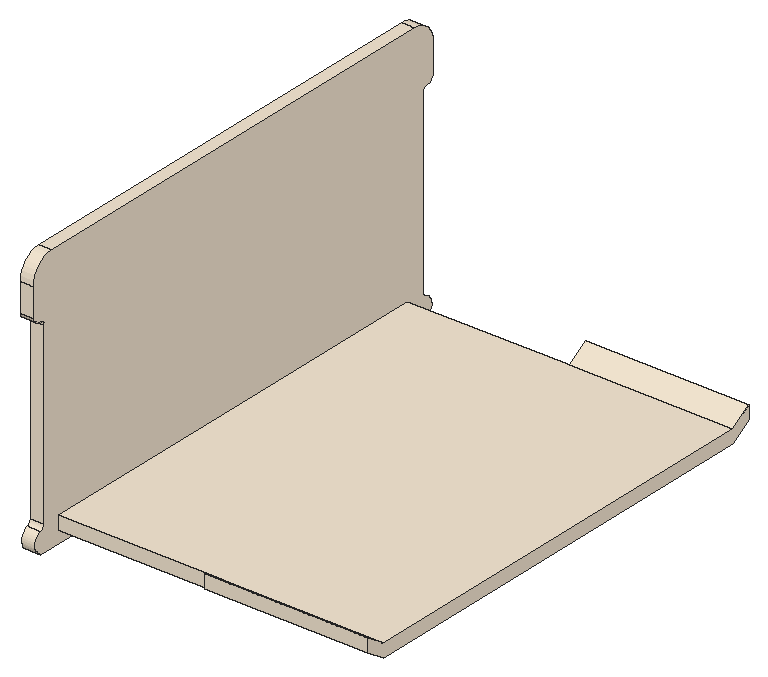
Revit family "Specialty_Equipment-Metal_Raceway-Hubbell_Wiring-Blank_End_Fitting-HBL3010B", category Specialty Equipment, host Face, Revit 2015
Parameters (values of type "HBL3010BIV")
  URL = "http://www.hubbell-wiring.com/"
  Product data url = "https://bimobject.com/hubbellwiring/product/hubbell-metal-raceway-hbl3000"
  Product Page URL = "http://ecatalog.hubbell-wiring.com/ProductInformation/ViewCatalog.aspx?Dest=hubbell-wiring.com/press/catalog/r.pdf"
  Product Documentation Link = "http://www.hubbell-wiring.com/press/pdfs/h5233r08.pdf"
  Model = "HBL3010BIV"
  Manufacturer = "Hubbell Wiring Device Kellems"  # constant formula
  Description = "Blank End Fitting"  # constant formula
  Default Elevation = 48.00"
  Cable Tray Material = Metal-Hubbell-Ivory
  C = 1.41"
  B = 1.79"
  Assembly Code = "D5090900"
  A = 2.71"
Types (3): name | Model | Cable Tray Material
  (no name) | "HBL3010BIV" | Metal-Hubbell-Ivory
  HBL3010BIV | "HBL3010BIV" | Metal-Hubbell-Ivory
  HBL3010BGY | "HBL3010BGY" | Metal-Hubbell-Gray
Reference planes (in)
  plane 1 "Center (Front/Back)": y = 0
  plane 2: z = 0
  plane 3 "Center (Left/Right)": x = 0
  plane 4: y = 1.355
  plane 5: y = -1.355
  plane 6: y = 1.255
  plane 7: y = -1.255
  plane 8: x = -1.79
  plane 9: x = -1.72
  plane 10: z = 0.07
  plane 11: z = 1.41
  plane 12: y = -1.15
  plane 13: y = 1.15
  plane 14: z = 0.14
  plane 15: z = 0.21
  plane 16: x = -0.86
  plane 17: z = 0.81
  plane 18: x = -1.29
  plane 19: y = 1.32447
  plane 20: y = -1.31075
Forms (in)
  Extrusion 1, solid, material "Metal-Hubbell-Ivory" <- "Cable Tray Material"
    sketch origin (-0.5369, 2.35761, 0) x (1, 0, 0) y (0, 1, 0)
      loop
        line (-1.1831, -1.20761) -> (-1.1831, -3.50761) -> (0.5369, -3.50761) -> (0.5369, -1.20761) -> (-1.1831, -1.20761)
    from 0.07 to 0.14
  Extrusion 2, solid, material "Metal-Hubbell-Ivory" <- "Cable Tray Material"
    sketch origin (0, 0, 0) x (0, 1, 0) y (0, 0, 1)
      loop
        arc (-1.31075, 1.13554) -> (-1.29637, 1.11478) -> (-1.27242, 1.10679) r 0.03993
        arc (-1.27242, 1.10679) -> (-1.25209, 1.09837) -> (-1.24367, 1.07804) r 0.02875
        line (-1.24367, 1.07804) -> (-1.24367, 0.13881)
        arc (-1.24367, 0.13881) -> (-1.24895, 0.12221) -> (-1.26284, 0.1117) r 0.02875
        arc (-1.26284, 0.1117) -> (-1.30034, 0.04777) -> (-1.24367, 0) r 0.0575
        line (-1.24367, 0) -> (0, 0) -> (1.25739, 0)
        arc (1.25739, 0) -> (1.31406, 0.04777) -> (1.27656, 0.1117) r 0.0575
        arc (1.27656, 0.1117) -> (1.26267, 0.12221) -> (1.25739, 0.13881) r 0.02875
        line (1.25739, 0.13881) -> (1.25739, 1.07804)
        arc (1.25739, 1.07804) -> (1.26581, 1.09837) -> (1.28614, 1.10679) r 0.02875
        arc (1.28614, 1.10679) -> (1.31009, 1.11478) -> (1.32447, 1.13554) r 0.03993
        line (1.32447, 1.13554) -> (1.32447, 1.29022)
        arc (1.32447, 1.29022) -> (1.28939, 1.37492) -> (1.20469, 1.41) r 0.11978
        line (1.20469, 1.41) -> (-1.19097, 1.41)
        arc (-1.19097, 1.41) -> (-1.27566, 1.37492) -> (-1.31075, 1.29022) r 0.11978
        line (-1.31075, 1.29022) -> (-1.31075, 1.13554)
    from -1.79 to -1.72
  Extrusion 3, solid, material "Metal-Hubbell-Ivory" <- "Cable Tray Material"
    sketch origin (0, 0, 0) x (0, 1, 0) y (0, 0, 1)
      loop
        line (-1.15, 0.07) -> (-1.15, 0.14) -> (-1.255, 0.21) -> (-1.255, 0.14) -> (-1.15, 0.07)
      loop
        line (1.15, 0.14) -> (1.15, 0.07) -> (1.255, 0.14) -> (1.255, 0.21) -> (1.15, 0.14)
    from 0 to -0.86
Cuts and joins
  joined: Extrusion 1, Extrusion 2, Extrusion 3
Lines and regions (in)
  reference lines
    curve 1: arc (0, -1.27727, 1.10718) -> (0, -1.30058, 1.1136) -> (0, -1.31075, 1.13554) r 0.02875
    curve 2: line (0, -1.31075, 1.13554) -> (0, -1.31075, 1.29022)
    curve 3: arc (0, -1.31075, 1.29022) -> (0, -1.27566, 1.37492) -> (0, -1.19097, 1.41) r 0.11978
    curve 4: line (0, -1.19097, 1.41) -> (0, 1.20469, 1.41)
    curve 5: arc (0, 1.20469, 1.41) -> (0, 1.28939, 1.37492) -> (0, 1.32447, 1.29022) r 0.11978
    curve 6: line (0, 1.32447, 1.29022) -> (0, 1.32447, 1.13554)
    curve 7: arc (0, 1.32447, 1.13554) -> (0, 1.3143, 1.1136) -> (0, 1.29099, 1.10718) r 0.02875
    curve 8: arc (0, 1.29086, 1.1064) -> (0, 1.26756, 1.09998) -> (0, 1.25739, 1.07804) r 0.02875
    curve 9: line (0, 1.25739, 1.07804) -> (0, 1.25739, 0.13881)
    curve 10: arc (0, 1.25739, 0.13881) -> (0, 1.26267, 0.12221) -> (0, 1.27656, 0.1117) r 0.02875
    curve 11: arc (0, 1.27656, 0.1117) -> (0, 1.31406, 0.04777) -> (0, 1.25739, 0) r 0.0575
    curve 12: line (0, 1.25739, 0) -> (0, 0, 0)
    curve 13: line (0, 0, 0) -> (0, -1.24367, 0)
    curve 14: arc (0, -1.24367, 0) -> (0, -1.30034, 0.04777) -> (0, -1.26284, 0.1117) r 0.0575
    curve 15: arc (0, -1.26284, 0.1117) -> (0, -1.24895, 0.12221) -> (0, -1.24367, 0.13881) r 0.02875
    curve 16: line (0, -1.24367, 0.13881) -> (0, -1.24367, 1.07804)
    curve 17: arc (0, -1.24367, 1.07804) -> (0, -1.25384, 1.09998) -> (0, -1.27714, 1.1064) r 0.02875
    curve 18: line (0, 1.15, 0.07) -> (0, 1.255, 0.14)
    curve 19: line (0, 1.255, 0.14) -> (0, 1.255, 0.21)
    curve 20: line (0, 1.15, 0.14) -> (0, 1.255, 0.21)
    curve 21: arc (0, -1.25739, 0.13881) -> (0, -1.26267, 0.12221) -> (0, -1.27656, 0.1117) r 0.02875
    curve 22: line (0, -1.15, 0.07) -> (0, -1.255, 0.14)
    curve 23: line (0, -1.255, 0.14) -> (0, -1.255, 0.21)
    curve 24: line (0, -1.15, 0.14) -> (0, -1.255, 0.21)
  model lines, detail levels medium+fine
    curve 25: circle (-1.72, 0, 0.81) r 0.4 normal (1, 0, 0)
    curve 26: circle (-1.72, 0, 0.81) r 0.3 normal (1, 0, 0)
    curve 27: circle (-1.315, 0, 0.14) r 0.15 normal (0, 0, 1)
  symbolic lines, style "Symbolic Lines"
    curve 28: line (-1.79, 1.32447, 0) -> (-1.72, 1.32447, 0)
    curve 29: line (-1.72, 1.32447, 0) -> (-1.72, 1.15, 0)
    curve 30: line (-1.72, 1.15, 0) -> (-0.86, 1.15, 0)
    curve 31: line (-0.86, 1.15, 0) -> (-0.86, 1.255, 0)
    curve 32: line (-0.86, 1.255, 0) -> (0, 1.255, 0)
    curve 33: line (0, 1.255, 0) -> (0, -1.255, 0)
    curve 34: line (0, -1.255, 0) -> (-0.86, -1.255, 0)
    curve 35: line (-0.86, -1.255, 0) -> (-0.86, -1.15, 0)
    curve 36: line (-0.86, -1.15, 0) -> (-1.72, -1.15, 0)
    curve 37: line (-1.72, -1.15, 0) -> (-1.72, -1.31075, 0)
    curve 38: line (-1.72, -1.31075, 0) -> (-1.79, -1.31075, 0)
    curve 39: line (-1.79, -1.31075, 0) -> (-1.79, 1.32447, 0)
    curve 41: line (0, 0, 0.14) -> (-1.72, 0, 0.14)
    curve 42: line (0, 0, 0.07) -> (0, 0, 0.14)
    curve 43: line (-1.72, 0, 0.07) -> (0, 0, 0.07)
    curve 44: line (-1.72, 0, 0) -> (-1.72, 0, 1.41)
    curve 45: line (-1.72, 0, 1.41) -> (-1.72, 0, 0)
    curve 46: line (0, 1.20469, 1.41) -> (0, -1.19097, 1.41)
    curve 47: arc (0, -1.19097, 1.41) -> (0, -1.27566, 1.37492) -> (0, -1.31075, 1.29022) r 0.11978
    curve 48: line (0, -1.31075, 1.29022) -> (0, -1.31075, 1.13554)
    curve 49: arc (0, -1.31075, 1.13554) -> (0, -1.29637, 1.11478) -> (0, -1.27242, 1.10679) r 0.03993
    curve 50: arc (0, -1.27242, 1.10679) -> (0, -1.25209, 1.09837) -> (0, -1.24367, 1.07804) r 0.02875
    curve 51: line (0, -1.24367, 1.07804) -> (0, -1.24367, 0.13881)
    curve 52: arc (0, -1.24367, 0.13881) -> (0, -1.24895, 0.12221) -> (0, -1.26284, 0.1117) r 0.02875
    curve 53: arc (0, -1.26284, 0.1117) -> (0, -1.30034, 0.04777) -> (0, -1.24367, 0) r 0.0575
    curve 54: line (0, -1.24367, 0) -> (0, 0, 0)
    curve 55: line (0, 0, 0) -> (0, 1.25739, 0)
    curve 56: arc (0, 1.25739, 0) -> (0, 1.31406, 0.04777) -> (0, 1.27656, 0.1117) r 0.0575
    curve 57: arc (0, 1.27656, 0.1117) -> (0, 1.26267, 0.12221) -> (0, 1.25739, 0.13881) r 0.02875
    curve 58: line (0, 1.25739, 0.13881) -> (0, 1.25739, 1.07804)
    curve 59: arc (0, 1.25739, 1.07804) -> (0, 1.26581, 1.09837) -> (0, 1.28614, 1.10679) r 0.02875
    curve 60: arc (0, 1.28614, 1.10679) -> (0, 1.31009, 1.11478) -> (0, 1.32447, 1.13554) r 0.03993
    curve 61: line (0, 1.32447, 1.13554) -> (0, 1.32447, 1.29022)
    curve 62: arc (0, 1.32447, 1.29022) -> (0, 1.28939, 1.37492) -> (0, 1.20469, 1.41) r 0.11978
  symbolic lines, style "Symbolic Lines", detail levels medium+fine
    curve 40: circle (-1.315, 0, 0) r 0.15 normal (0, 0, 1)
  symbolic lines
    curve 63: line (-1.72, 0, 1.41) -> (-1.79, 0, 1.41)
    curve 64: line (-1.79, 0, 1.41) -> (-1.79, 0, 0)
    curve 65: line (-1.79, 0, 0) -> (-1.72, 0, 0)
Dimensions and locks (in)
  equal spacing: plane 4, plane 1 "Center (Front/Back)", plane 5
  "A": plane 4 to plane 5
  locked: plane 5 to plane 7 at 0.1
  locked: plane 4 to plane 6 at 0.1
  "B": plane 8 to plane 3 "Center (Left/Right)"
  locked: plane 8 to plane 9 at 0.07
  plane 11 to host face = 1.41"
  equal spacing: plane 13, plane 1 "Center (Front/Back)", plane 12
  "C": plane 11 to plane 2
  plane 15 to plane 14 = 0.07"
  equal spacing: plane 9, plane 16, plane 3 "Center (Left/Right)"
  equal spacing: plane 11, plane 17, plane 15, locked at 0.6 each
  equal spacing: plane 9, plane 18, plane 16
  aligned and locked: plane 2 to host face
  aligned and locked: level to host face
  aligned and locked: plane 13 to Extrusion 1 sketch curve
  aligned and locked: plane 12 to Extrusion 1 sketch curve
  aligned and locked: plane 14 to Extrusion 1
  aligned and locked: Extrusion 2 sketch curve to curve 3
  aligned and locked: Extrusion 2 sketch curve to curve 5
  aligned and locked: Extrusion 2 sketch curve to curve 11
  aligned and locked: Extrusion 2 sketch curve to curve 13
  aligned and locked: Extrusion 2 sketch curve to curve 14
  aligned and locked: Extrusion 2 sketch curve to curve 15
  aligned and locked: Extrusion 2 sketch curve to curve 17
  aligned and locked: Extrusion 2 to plane 8
  aligned and locked: plane 9 to Extrusion 2
  aligned and locked: plane 6 to curve 19
  aligned and locked: curve 20 to cut or joined group of Extrusion 1, Extrusion 2, Extrusion 3
  aligned and locked: Extrusion 3 sketch curve to curve 22
  aligned and locked: Extrusion 3 sketch curve to curve 23
  aligned and locked: Extrusion 3 sketch curve to curve 24
  aligned and locked: curve 20 to Extrusion 3 sketch curve
  aligned and locked: Extrusion 3 sketch curve to curve 19
  aligned and locked: Extrusion 3 sketch curve to curve 18
  aligned and locked: curve 2 to Extrusion 3
  aligned and locked: Extrusion 3 to plane 16
  aligned and locked: plane 3 "Center (Left/Right)" to Extrusion 3
  aligned and locked: plane 8 to curve 39
  aligned and locked: curve 38 to cut or joined group of Extrusion 1, Extrusion 2, Extrusion 3
  aligned and locked: curve 37 to plane 9
  aligned and locked: curve 36 to plane 12
  aligned and locked: plane 16 to curve 35
  aligned and locked: curve 34 to plane 7
  aligned and locked: curve 33 to plane 3 "Center (Left/Right)"
  aligned and locked: curve 32 to plane 6
  aligned and locked: plane 16 to curve 31
  aligned and locked: curve 30 to plane 13
  aligned and locked: curve 29 to plane 9
  aligned and locked: curve 28 to cut or joined group of Extrusion 1, Extrusion 2, Extrusion 3
  aligned and locked: curve 40 to curve 27
  aligned and locked: curve 44 to cut or joined group of Extrusion 1, Extrusion 2, Extrusion 3
  aligned and locked: curve 47 to cut or joined group of Extrusion 1, Extrusion 2, Extrusion 3
  aligned and locked: curve 49 to cut or joined group of Extrusion 1, Extrusion 2, Extrusion 3
  aligned and locked: curve 50 to cut or joined group of Extrusion 1, Extrusion 2, Extrusion 3
  aligned and locked: curve 52 to cut or joined group of Extrusion 1, Extrusion 2, Extrusion 3
  aligned and locked: curve 53 to cut or joined group of Extrusion 1, Extrusion 2, Extrusion 3
  aligned and locked: curve 55 to cut or joined group of Extrusion 1, Extrusion 2, Extrusion 3
  aligned and locked: curve 56 to cut or joined group of Extrusion 1, Extrusion 2, Extrusion 3
  aligned and locked: curve 57 to cut or joined group of Extrusion 1, Extrusion 2, Extrusion 3
  aligned and locked: curve 60 to cut or joined group of Extrusion 1, Extrusion 2, Extrusion 3
  aligned and locked: curve 61 to cut or joined group of Extrusion 1, Extrusion 2, Extrusion 3
  aligned and locked: curve 62 to cut or joined group of Extrusion 1, Extrusion 2, Extrusion 3
  aligned and locked: Extrusion 1 to plane 9
  aligned and locked: plane 3 "Center (Left/Right)" to Extrusion 1
  aligned and locked: Extrusion 2 to Extrusion 1
  aligned and locked: plane 13 to Extrusion 1
  aligned and locked: plane 12 to Extrusion 1
  aligned and locked: Extrusion 3 to Extrusion 1
  aligned and locked: plane 8 to curve 64
  aligned and locked: curve 63 to plane 11
  aligned and locked: plane 2 to curve 65
Automatic sketch dimensions
  host sketch curve to host sketch curve = 10.31604"
  host sketch curve to host sketch curve = 17.29063"
  plane 8 to Extrusion 1 sketch curve = 0.07"
  Extrusion 1 sketch curve to plane 3 "Center (Left/Right)" = 0.00"
  curve 23 to plane 7 = 0.00"
  curve 14 to level = 0.00"
  curve 3 to plane 11 = 0.00"
  curve 24 to plane 12 = 0.00"
  curve 22 to plane 10 = 0.00"
  curve 22 to plane 12 = 0.00"
  curve 13 to plane 1 "Center (Front/Back)" = 0.00"
  curve 18 to plane 10 = 0.00"
  curve 18 to plane 13 = 0.00"
  curve 20 to plane 13 = 0.00"
  curve 22 to plane 14 = 0.00"
  curve 24 to plane 14 = 0.00"
  curve 19 to plane 14 = 0.00"
  curve 20 to plane 14 = 0.00"
  curve 23 to plane 15 = 0.00"
  curve 19 to plane 15 = 0.00"
  plane 7 to curve 21 = 0.00239"
  plane 7 to curve 15 = 0.00784"
  curve 14 to curve 15 = 0.00"
  curve 15 to plane 14 = 0.00119"
  curve 15 to curve 21 = 0.01503"
  plane 7 to curve 17 = 0.01742"
  curve 21 to curve 15 = 0.01372"  (x2)
  plane 7 to curve 17 = 0.02214"
  curve 1 to curve 17 = 0.00013"
  plane 7 to curve 1 = 0.027"
  curve 21 to plane 14 = 0.00119"
  plane 5 to curve 3 = 0.04425"
  curve 15 to plane 7 = 0.01133"
  plane 12 to curve 3 = 0.04097"
  curve 5 to plane 6 = 0.05031"
  plane 6 to curve 9 = 0.00239"
  plane 6 to curve 11 = 0.00239"
  plane 6 to curve 11 = 0.02156"
  curve 10 to curve 11 = 0.00"
  curve 10 to plane 14 = 0.00119"
  curve 9 to curve 8 = 0.02875"
  curve 8 to curve 8 = 0.00473"
  curve 8 to curve 7 = 0.00013"
  curve 7 to curve 7 = 0.00473"
  curve 7 to curve 6 = 0.02875"
  curve 9 to curve 5 = 0.21217"
  curve 17 to curve 3 = 0.21217"
  curve 8 to curve 7 = 0.00078"
  curve 17 to curve 1 = 0.00078"
  Extrusion 2 sketch curve to plane 1 "Center (Front/Back)" = 0.00"
  plane 6 to Extrusion 2 sketch curve = 0.00239"
  plane 6 to Extrusion 2 sketch curve = 0.02156"
  Extrusion 2 sketch curve to Extrusion 2 sketch curve = 0.00"  (x3)
  plane 6 to Extrusion 2 sketch curve = 0.03114"
  Extrusion 2 sketch curve to Extrusion 2 sketch curve = 0.21217"
  Extrusion 2 sketch curve to Extrusion 2 sketch curve = 0.02875"  (x2)
  Extrusion 3 sketch curve to plane 10 = 0.00"  (x2)
  Extrusion 3 sketch curve to plane 14 = 0.00"
  curve 25 to curve 26 = 0.00"  (x4)
  curve 54 to plane 1 "Center (Front/Back)" = 0.00"
  curve 60 to curve 59 = 0.00"
  Extrusion 3 sketch curve to plane 13 = 0.00"
  curve 26 to plane 1 "Center (Front/Back)" = 0.00"
  curve 26 to plane 17 = 0.00"
  curve 27 to Extrusion 1 = 0.405"
  curve 27 to Extrusion 1 = 1.15"
  curve 42 to plane 3 "Center (Left/Right)" = 0.00"
  curve 43 to plane 10 = 0.00"
  curve 41 to plane 14 = 0.00"
  radius of curve 25 = 0.40"
  radius of curve 26 = 0.30"
  radius of curve 27 = 0.15"
